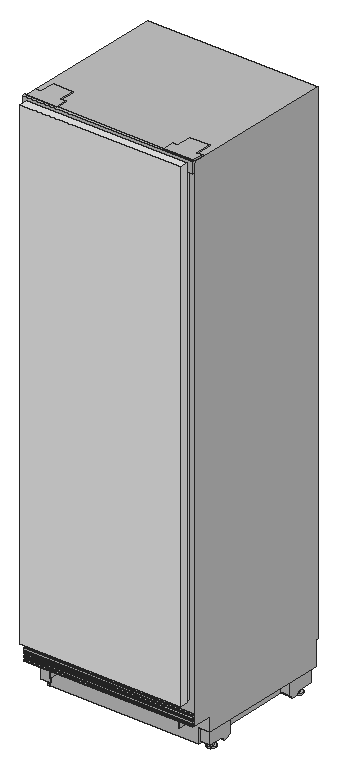
Revit family "FP-Revit18-en-RS6019F2L1-Freezer-0-AA-BI-HK-SG-CN-EU-90002453A", category Specialty Equipment, Revit 2018
Family settings
  Round Connector Dimension = Use Diameter
  Part Type = Normal
  OmniClass Number = 23.40.40.11.11
  OmniClass Title = Refrigerators and Freezers
  Work Plane-Based = No
  Always vertical = Yes
  Cut with Voids When Loaded = Yes
  Shared = No
  Room Calculation Point = No
Parameters (values of type "RS6019F2L1")
  Visibility - Toe Kick Panel [instance] = no
  Visibility - Clearance Required [instance] = yes
  URL = "www.fisherpaykel.com"
  Panel - Width [instance] = 592 mm
  Panel - Thickness [instance] = 19 mm
  Panel - FFL to Bottom of Bottom Panel (15mm - 150mm) [instance] = 102 mm
  Toe Kick - Recess [instance] = 63 mm
  Stainless Steel Door Panels (RD6019L) [instance] = no
  Product - Width = 592 mm  # constant formula
  Product - Height [instance] = ([Cavity - Height (1870mm - 1890mm)])  # 1880 mm
  Product - Depth (exl front panel) = 579 mm  # constant formula
  Model = "RS6019F2L1"
  Material - Door Structure = Fisher & Paykel - White
  Material - Door Front [instance] = Fisher & Paykel - Stainless Steel
  Material - Body = Fisher & Paykel - Grey
  Manufacturer = "Fisher & Paykel Appliances"
  Handle Style - Professional Round Flush (AHP3RDS19) [instance] = no
  Handle Style - Contemporary Square Fine Black (AHD5RDS19B) [instance] = no
  Handle Style - Contemporary Square Fine (AHD5RDS19) [instance] = no
  Handle Style - Contemporary Round (AHSRDS19) [instance] = no
  Handle Style - Classic Round (AHCLRDSF) [instance] = no
  Description = "60cm Integrated Freezer"
  Connector Description - Water = "min 275 kPa (40 psi) max 827 kPa (120 psi)"
  Connector Description - Electrical = "230 V, 50 Hz, 10 A circuit"
  Cavity - Width = 600 mm  # constant formula
  Cavity - Height (1870mm - 1890mm) [instance] = 1880 mm
  Panel - FFL to Top of Top Panel (1867mm min) [instance] = 1877 mm
  Cavity - Depth (600mm min with services external) = 600 mm
Types (3, lengths in mm): name | Model | Connector Description - Water
  (no name) | "RS6019F2L1" | "min 275 kPa (40 psi) max 827 kPa (120 psi)"
  RS6019F2L1 | "RS6019F2L1" | "min 275 kPa (40 psi) max 827 kPa (120 psi)"
  RS6019F3LJ1 | "RS6019F3LJ1" | "None"
Reference planes
  plane 1 "Datum": y = 0
  plane 2: z = 0
  plane 3 "Center (Left/Right)": x = 0
  plane 4 "Product LHS": x = -296
  plane 5 "Product RHS": x = 296
  plane 6 "Product - Depth": y = 579
  plane 7: x = -300
  plane 8: x = 300
  plane 9 "Cavity - Depth": y = 581
  plane 10 "Product Height": z = 1880
  plane 11 "Cavity Height": z = 1880
  plane 12 "Panel Thickness": y = -19
  plane 13 "Base": z = 14.497
Forms (mm)
  Extrusion 1, solid, material "Fisher & Paykel - Grey" <- "Material - Body"
    sketch origin (0, 0, 0) x (0, 1, 0) y (0, 0, 1)
      loop
        line (108, 62.997) -> (571.5, 62.997) -> (571.5, 149.997) -> (579, 149.997) -> (579, 1875.998) -> (42.5, 1875.998) -> (42.5, 110.697) -> (108, 110.697) -> (108, 62.997)
    from -296 to 296
  Extrusion 2, solid, material "Fisher & Paykel - Grey" <- "Material - Body"
    sketch origin (0, 0, 0) x (1, 0, 0) y (0, 0, 1)
      loop
        circle (87.23, 31.993) r 5
      loop
        circle (-241.922, 42) r 6
    from -579 to -571.5
  Extrusion 3, solid, material "Fisher & Paykel - Stainless Steel" <- "Material - Door Front", visible <- "Stainless Steel Door Panels (RD6019L)"
    sketch origin (0, 0, 21.503) x (0, 1, 0) y (0, 0, 1)
      loop
        line (-19, 1855.497) -> (-19, 80.497) -> (0, 80.497) -> (0, 1855.497) -> (-19, 1855.497)
    from -296 to 296
  Extrusion 4, solid, material "Fisher & Paykel - Clearance Required", visible <- "Visibility - Clearance Required", detail levels coarse
    sketch origin (0, 0, 0) x (1, 0, 0) y (0, 1, 0)
      loop
        line (-300, 581) -> (-300, 0) -> (300, 0) -> (300, 581) -> (-300, 581)
    from 0 to 1880
  Extrusion 5, solid, material "Fisher & Paykel - White" <- "Material - Door Structure"
    sketch origin (0, 0, 0) x (1, 0, 0) y (0, 1, 0)
      loop
        line (-280, 28.4) -> (-280, 0) -> (280, 0) -> (280, 28.4) -> (-280, 28.4)
    from 183.947 to 1872.747
  Extrusion 6, solid, material "Fisher & Paykel - White" <- "Material - Door Structure"
    sketch origin (0, 0, 0) x (1, 0, 0) y (0, 1, 0)
      loop
        line (-274.25, 42.5) -> (-274.25, 28.4) -> (274.25, 28.4) -> (274.25, 42.5) -> (-274.25, 42.5)
    from 185.35 to 1838.148
  Extrusion 7, solid, material "Fisher & Paykel - Clearance Required", visible <- "Visibility - Clearance Required", detail levels coarse
    sketch origin (0, -8.858, 0) x (1, 0, 0) y (0, 1, 0)
      loop
        line (-299.146, -10.142) -> (-539.267, -525.083)
        arc (-539.267, -525.083) -> (23.116, -502.405) -> (296, -10.142) r 574.255
        line (296, -10.142) -> (-299.146, -10.142)
    from 0 to 1880
  Extrusion 8, solid, material "Fisher & Paykel - Grey" <- "Material - Body", detail levels fine
    sketch origin (0, 0, 0) x (0, 1, 0) y (0, 0, 1)
      loop
        line (35.5, 149.997) -> (35.5, 145.997) -> (42.5, 145.997) -> (42.5, 149.997) -> (35.5, 149.997)
      loop
        line (35.5, 138.233) -> (35.5, 134.233) -> (42.5, 134.233) -> (42.5, 138.233) -> (35.5, 138.233)
      loop
        line (35.5, 114.697) -> (35.5, 110.697) -> (42.5, 110.697) -> (42.5, 114.697) -> (35.5, 114.697)
      loop
        line (35.5, 126.467) -> (35.5, 122.467) -> (42.5, 122.467) -> (42.5, 126.467) -> (35.5, 126.467)
      loop
        line (33.5, 1880) -> (33.5, 1842.094) -> (42.5, 1842.094) -> (42.5, 1880) -> (33.5, 1880)
    from -296 to 296
  Extrusion 9, solid, material "Fisher & Paykel - Grey" <- "Material - Body"
    sketch origin (0, 0, 0) x (0, 1, 0) y (0, 0, 1)
      loop
        line (108, 62.997) -> (108, 14.497) -> (571.5, 14.497) -> (571.5, 62.997) -> (108, 62.997)
    from -259 to 259
  Extrusion 10, solid, material "Fisher & Paykel - Grey" <- "Material - Body"
    sketch origin (0, 0, 0) x (0, 1, 0) y (0, 0, 1)
      loop
        line (199.5, 62.997) -> (109.5, 62.997) -> (109.5, 21.997) -> (161.836, 21.997)
        arc (161.836, 21.997) -> (180.668, 9.967) -> (199.5, 21.997) r 20.754
        line (199.5, 21.997) -> (199.5, 62.997)
      loop
        line (460.586, 62.997) -> (460.586, 21.997)
        arc (460.586, 21.997) -> (479.418, 9.967) -> (498.25, 21.997) r 20.754
        line (498.25, 21.997) -> (550.586, 21.997) -> (550.586, 62.997) -> (460.586, 62.997)
    from 259 to 294
  Extrusion 11, solid, material "Fisher & Paykel - Grey" <- "Material - Body", detail levels fine
    sketch origin (0, 0, 0) x (1, 0, 0) y (0, 1, 0)
      loop
        line (-273, 136.5) -> (-273, 82.6) -> (-291, 82.6) -> (-291, 42.5) -> (-187, 42.5) -> (-187, 82.6) -> (-205, 82.6) -> (-205, 136.5) -> (-273, 136.5)
      loop
        line (273, 136.5) -> (205, 136.5) -> (205, 82.6) -> (187, 82.6) -> (187, 42.5) -> (291, 42.5) -> (291, 82.6) -> (273, 82.6) -> (273, 136.5)
    from 1875.998 to 1880
  Extrusion 12, solid, material "Fisher & Paykel - Stainless Steel" <- "Material - Door Front", visible <- "Visibility - Toe Kick Panel"
    sketch origin (0, 0, 0) x (0, 1, 0) y (0, 0, 1)
      loop
        line (44, 110) -> (44, 0) -> (63, 0) -> (63, 110) -> (44, 110)
    from -296 to 296
  Extrusion 13, solid, material "Fisher & Paykel - Grey" <- "Material - Body", detail levels fine
    sketch origin (0, 0, 0) x (1, 0, 0) y (0, 1, 0)
      loop
        circle (276.5, 140.6) r 15
      loop
        circle (276.5, 519.6) r 15
      loop
        circle (-276.5, 140.6) r 15
      loop
        circle (-276.5, 519.6) r 15
    from 0 to 3
  Extrusion 14, solid, material "Fisher & Paykel - Grey" <- "Material - Body", detail levels fine
    sketch origin (0, 0, 0) x (1, 0, 0) y (0, 1, 0)
      loop
        circle (276.5, 140.6) r 5
      loop
        circle (276.5, 519.6) r 5
      loop
        circle (-276.5, 140.6) r 5
      loop
        circle (-276.5, 519.6) r 5
    from 3 to 21.997
  Extrusion 15, solid, material "Fisher & Paykel - Grey" <- "Material - Body", detail levels fine
    sketch origin (0, 0, 0) x (0, 1, 0) y (0, 0, 1)
      loop
        line (63.1, 70.7) -> (108, 70.7) -> (108, 110.697) -> (63.1, 110.697) -> (63.1, 70.7)
    from 224 to 226
  Extrusion 16, solid, material "Fisher & Paykel - Grey" <- "Material - Body", detail levels fine
    sketch origin (0, 0, 0) x (0, 1, 0) y (0, 0, -1)
      loop
        line (63.1, -70.7) -> (63.1, -110.697) -> (108, -110.697) -> (108, -70.7) -> (63.1, -70.7)
    from 224 to 226
  Extrusion 17, solid, material "Fisher & Paykel - Grey" <- "Material - Body"
    sketch origin (0, 0, 0) x (0, 1, 0) y (0, 0, -1)
      loop
        line (199.5, -62.997) -> (199.5, -21.997)
        arc (199.5, -21.997) -> (180.668, -9.967) -> (161.836, -21.997) r 20.754
        line (161.836, -21.997) -> (109.5, -21.997) -> (109.5, -62.997) -> (199.5, -62.997)
      loop
        line (460.586, -62.997) -> (550.586, -62.997) -> (550.586, -21.997) -> (498.25, -21.997)
        arc (498.25, -21.997) -> (479.418, -9.967) -> (460.586, -21.997) r 20.754
        line (460.586, -21.997) -> (460.586, -62.997)
    from 259 to 294
  Extrusion 18, void
    sketch origin (0, 1000, 0) x (1, 0, 0) y (0, 1, 0)
      loop
        line (-300, -419) -> (-300, -1019) -> (300, -1019) -> (300, -419) -> (-300, -419)
    from 0 to 1880
Cuts and joins
  joined: Extrusion 1, Extrusion 9, Extrusion 10
Text (mm)
  text "Due to ongoing product development, product details are subject to change without notice. \nPlease always refer to www.fisherpaykel.com for the most current product information. \n© Fisher & Paykel 2020" at (41.04, -678.295, 0), in view "Ref. Level (Plan)"
Dimensions and locks
  equal spacing: plane 4 "Product LHS", plane 3 "Center (Left/Right)", plane 5 "Product RHS"
  "Product - Width": plane 4 "Product LHS" to plane 5 "Product RHS"
  "Product - Depth (exl front panel)": plane 1 "Datum" to plane 6 "Product - Depth"
  equal spacing: plane 7, plane 3 "Center (Left/Right)", plane 8
  "Cavity - Width": plane 7 to plane 8
  Extrusion 2 sketch curve to plane 5 "Product RHS" = 208.77 mm
  plane 4 "Product LHS" to Extrusion 2 sketch curve = 54.078 mm
  "Cavity - Height (1870mm - 1890mm)": plane 11 "Cavity Height" to level
  locked: cut or joined group of Extrusion 1, Extrusion 9, Extrusion 10 to plane 10 "Product Height" at 4.002
  "Panel - Thickness": Extrusion 12 to Extrusion 12
  "Toe Kick - Recess": plane 1 "Datum" to Extrusion 12
  "Panel - Thickness": plane 12 "Panel Thickness" to plane 1 "Datum"
  plane 13 "Base" to level = 14.497 mm
  locked: plane 10 "Product Height" to plane 13 "Base" at 1865.503
  locked: plane 10 "Product Height" to plane 11 "Cavity Height" at 0
  locked: cut or joined group of Extrusion 1, Extrusion 9, Extrusion 10 to plane 13 "Base" at 96.2
  locked: cut or joined group of Extrusion 1, Extrusion 9, Extrusion 10 to plane 13 "Base" at 7.5
  locked: Extrusion 5 to plane 13 "Base" at 169.45
  locked: Extrusion 6 to plane 13 "Base" at 1823.65
  locked: Extrusion 5 to plane 13 "Base" at 1858.25
  locked: Extrusion 12 to cut or joined group of Extrusion 1, Extrusion 9, Extrusion 10 at 0.697
  locked: Extrusion 15 to plane 13 "Base" at 56.203
  locked: plane 13 "Base" to Extrusion 6 at 170.853
  locked: Extrusion 8 to plane 13 "Base" at 1827.596
  "Panel - FFL to Top of Top Panel (1867mm min)": Extrusion 3 to level
  "Panel - FFL to Bottom of Bottom Panel (15mm - 150mm)": Extrusion 3 to level
  equal spacing: Extrusion 3, plane 3 "Center (Left/Right)", Extrusion 3
  "Panel - Width": Extrusion 3 to Extrusion 3
  locked: nested 1 to plane 13 "Base" at 1400.997
  "Cavity - Depth (600mm min with services external)": plane 12 "Panel Thickness" to plane 9 "Cavity - Depth"
  locked: nested 2 to plane 13 "Base" at 549
  locked: nested 1 to plane 13 "Base" at 548.997
  locked: nested 3 to plane 13 "Base" at 574.5
  nested 2 to plane 5 "Product RHS" = 62 mm
  locked: plane 13 "Base" to nested 5 at 564
  locked: plane 13 "Base" to nested 4 at 549
  radius of Extrusion 2 sketch curve = 5 mm
  aligned and locked: level to plane 2
  aligned and locked: Extrusion 1 to plane 5 "Product RHS"
  aligned and locked: plane 4 "Product LHS" to Extrusion 1
  aligned and locked: Extrusion 11 to cut or joined group of Extrusion 1, Extrusion 9, Extrusion 10
  aligned and locked: Extrusion 2 to cut or joined group of Extrusion 1, Extrusion 9, Extrusion 10
  aligned and locked: Extrusion 4 to plane 11 "Cavity Height"
  aligned and locked: Extrusion 8 to plane 10 "Product Height"
  aligned and locked: Extrusion 11 to plane 10 "Product Height"
  aligned and locked: Extrusion 3 to Extrusion 7
  aligned and locked: Extrusion 9 to plane 13 "Base"
  aligned and locked: cut or joined group of Extrusion 1, Extrusion 9, Extrusion 10 to cut or joined group of Extrusion 1, Extrusion 9, Extrusion 10  (x4)
  aligned and locked: Extrusion 15 to cut or joined group of Extrusion 1, Extrusion 9, Extrusion 10
  aligned and locked: Extrusion 8 to cut or joined group of Extrusion 1, Extrusion 9, Extrusion 10
  aligned and locked: Extrusion 16 to Extrusion 8
  aligned and locked: Extrusion 16 to Extrusion 15
  aligned and locked: Extrusion 10 to Extrusion 1
  aligned and locked: Extrusion 14 to cut or joined group of Extrusion 1, Extrusion 9, Extrusion 10
  aligned and locked: Extrusion 7 to plane 11 "Cavity Height"
  aligned and locked: plane 12 "Panel Thickness" to nested 2
  aligned and locked: plane 12 "Panel Thickness" to nested 3
  aligned and locked: Extrusion 18 to plane 7
  aligned and locked: Extrusion 18 to plane 8
  aligned and locked: Extrusion 18 to plane 11 "Cavity Height"
  aligned and locked: Extrusion 18 to level
  aligned and locked: plane 12 "Panel Thickness" to Extrusion 18
  aligned and locked: plane 9 "Cavity - Depth" to Extrusion 18
  aligned and locked: plane 12 "Panel Thickness" to nested 4
  aligned and locked: plane 12 "Panel Thickness" to nested 5
Automatic sketch dimensions
  Extrusion 1 sketch curve to plane 6 "Product - Depth" = 0 mm
  Extrusion 1 sketch curve to plane 6 "Product - Depth" = 7.5 mm
  plane 13 "Base" to Extrusion 1 sketch curve = 48.5 mm
  Extrusion 1 sketch curve to plane 1 "Datum" = 108 mm
  plane 10 "Product Height" to Extrusion 1 sketch curve = 4.002 mm
  Extrusion 1 sketch curve to plane 1 "Datum" = 42.5 mm
  Extrusion 1 sketch curve to Extrusion 1 sketch curve = 47.7 mm
  Extrusion 1 sketch curve to Extrusion 1 sketch curve = 87 mm
  plane 13 "Base" to Extrusion 2 sketch curve = 17.495 mm
  plane 13 "Base" to Extrusion 2 sketch curve = 27.503 mm
  Extrusion 3 sketch curve to plane 12 "Panel Thickness" = 0 mm
  Extrusion 3 sketch curve to plane 1 "Datum" = 0 mm
  plane 13 "Base" to Extrusion 3 sketch curve = 87.503 mm
  plane 10 "Product Height" to Extrusion 3 sketch curve = 3 mm
  plane 1 "Datum" to Extrusion 4 sketch curve = 0 mm
  Extrusion 4 sketch curve to plane 7 = 0 mm
  Extrusion 4 sketch curve to plane 8 = 0 mm
  Extrusion 4 sketch curve to plane 9 "Cavity - Depth" = 0 mm
  plane 1 "Datum" to Extrusion 5 sketch curve = 0 mm
  Extrusion 5 sketch curve to plane 4 "Product LHS" = 16 mm
  plane 5 "Product RHS" to Extrusion 5 sketch curve = 16 mm
  Extrusion 5 sketch curve to plane 1 "Datum" = 28.4 mm
  Extrusion 6 sketch curve to plane 4 "Product LHS" = 21.75 mm
  plane 5 "Product RHS" to Extrusion 6 sketch curve = 21.75 mm
  Extrusion 6 sketch curve to plane 1 "Datum" = 28.4 mm
  Extrusion 6 sketch curve to Extrusion 6 sketch curve = 14.1 mm
  plane 12 "Panel Thickness" to Extrusion 7 sketch curve = 0 mm
  Extrusion 7 sketch curve to plane 5 "Product RHS" = 0 mm
  plane 12 "Panel Thickness" to Extrusion 7 sketch curve = 3.437 mm
  Extrusion 7 sketch curve to plane 4 "Product LHS" = 17.755 mm
  Extrusion 7 sketch curve to plane 7 = 0.854 mm
  plane 7 to Extrusion 7 sketch curve = 239.267 mm
  plane 10 "Product Height" to Extrusion 8 sketch curve = 0 mm
  Extrusion 8 sketch curve to plane 1 "Datum" = 33.5 mm
  Extrusion 8 sketch curve to plane 1 "Datum" = 35.5 mm
  Extrusion 8 sketch curve to Extrusion 8 sketch curve = 0 mm  (x3)
  Extrusion 8 sketch curve to Extrusion 8 sketch curve = 7 mm  (x4)
  Extrusion 8 sketch curve to Extrusion 8 sketch curve = 9 mm
  Extrusion 8 sketch curve to Extrusion 8 sketch curve = 37.906 mm
  plane 13 "Base" to Extrusion 8 sketch curve = 135.5 mm
  Extrusion 8 sketch curve to Extrusion 8 sketch curve = 4 mm  (x4)
  Extrusion 8 sketch curve to Extrusion 8 sketch curve = 7.764 mm
  Extrusion 8 sketch curve to Extrusion 8 sketch curve = 7.767 mm
  Extrusion 8 sketch curve to Extrusion 8 sketch curve = 7.769 mm
  Extrusion 9 sketch curve to plane 13 "Base" = 0 mm
  Extrusion 9 sketch curve to plane 1 "Datum" = 108 mm
  Extrusion 9 sketch curve to plane 6 "Product - Depth" = 7.5 mm
  Extrusion 9 sketch curve to Extrusion 9 sketch curve = 48.5 mm
  plane 13 "Base" to Extrusion 10 sketch curve = 48.5 mm
  Extrusion 10 sketch curve to plane 1 "Datum" = 109.5 mm
  plane 13 "Base" to Extrusion 10 sketch curve = 7.5 mm  (x2)
  Extrusion 10 sketch curve to Extrusion 10 sketch curve = 52.336 mm
  Extrusion 10 sketch curve to Extrusion 10 sketch curve = 18.832 mm  (x4)
  Extrusion 10 sketch curve to plane 6 "Product - Depth" = 118.414 mm
  Extrusion 10 sketch curve to plane 6 "Product - Depth" = 28.414 mm
  plane 13 "Base" to Extrusion 10 sketch curve = 16.224 mm  (x2)
  Extrusion 10 sketch curve to Extrusion 10 sketch curve = 41 mm
  Extrusion 11 sketch curve to plane 4 "Product LHS" = 5 mm
  Extrusion 11 sketch curve to Extrusion 11 sketch curve = 18 mm  (x3)
  Extrusion 11 sketch curve to Extrusion 11 sketch curve = 68 mm
  plane 5 "Product RHS" to Extrusion 11 sketch curve = 109 mm
  plane 5 "Product RHS" to Extrusion 11 sketch curve = 23 mm
  plane 5 "Product RHS" to Extrusion 11 sketch curve = 5 mm
  Extrusion 11 sketch curve to plane 1 "Datum" = 42.5 mm  (x2)
  Extrusion 11 sketch curve to Extrusion 11 sketch curve = 40.1 mm  (x4)
  Extrusion 11 sketch curve to Extrusion 11 sketch curve = 53.9 mm  (x2)
  Extrusion 12 sketch curve to level = 0 mm
  Extrusion 12 sketch curve to plane 1 "Datum" = 44 mm
  Extrusion 12 sketch curve to Extrusion 12 sketch curve = 19 mm
  plane 13 "Base" to Extrusion 12 sketch curve = 95.503 mm
  Extrusion 13 sketch curve to plane 4 "Product LHS" = 19.5 mm  (x2)
  plane 5 "Product RHS" to Extrusion 13 sketch curve = 19.5 mm  (x2)
  Extrusion 13 sketch curve to plane 1 "Datum" = 140.6 mm  (x2)
  Extrusion 13 sketch curve to plane 6 "Product - Depth" = 59.4 mm  (x2)
  Extrusion 14 sketch curve to plane 4 "Product LHS" = 19.5 mm  (x2)
  plane 5 "Product RHS" to Extrusion 14 sketch curve = 19.5 mm  (x2)
  Extrusion 14 sketch curve to plane 1 "Datum" = 140.6 mm  (x2)
  Extrusion 14 sketch curve to plane 6 "Product - Depth" = 59.4 mm  (x2)
  Extrusion 15 sketch curve to plane 1 "Datum" = 63.1 mm
  Extrusion 15 sketch curve to Extrusion 15 sketch curve = 44.9 mm
  plane 13 "Base" to Extrusion 15 sketch curve = 56.203 mm
  Extrusion 15 sketch curve to Extrusion 15 sketch curve = 39.997 mm
  Extrusion 16 sketch curve to plane 1 "Datum" = 63.1 mm
  Extrusion 16 sketch curve to Extrusion 16 sketch curve = 44.9 mm
  plane 13 "Base" to Extrusion 16 sketch curve = 96.2 mm
  Extrusion 16 sketch curve to Extrusion 16 sketch curve = 39.997 mm
  plane 13 "Base" to Extrusion 17 sketch curve = 48.5 mm
  Extrusion 17 sketch curve to plane 1 "Datum" = 109.5 mm
  plane 13 "Base" to Extrusion 17 sketch curve = 7.5 mm  (x2)
  Extrusion 17 sketch curve to Extrusion 17 sketch curve = 52.336 mm
  Extrusion 17 sketch curve to Extrusion 17 sketch curve = 18.832 mm  (x4)
  Extrusion 17 sketch curve to plane 6 "Product - Depth" = 118.414 mm
  Extrusion 17 sketch curve to plane 6 "Product - Depth" = 28.414 mm
  Extrusion 17 sketch curve to Extrusion 17 sketch curve = 41 mm
  plane 13 "Base" to Extrusion 17 sketch curve = 16.224 mm  (x2)
  Extrusion 18 sketch curve to plane 7 = 0 mm
  Extrusion 18 sketch curve to plane 8 = 0 mm
  Extrusion 18 sketch curve to plane 9 "Cavity - Depth" = 600 mm
  Extrusion 18 sketch curve to Extrusion 18 sketch curve = 600 mm
  radius of Extrusion 2 sketch curve = 6 mm
  radius of Extrusion 13 sketch curve = 15 mm  (x4)
  radius of Extrusion 14 sketch curve = 5 mm  (x4)
Nested families
  nested 1: "F&P Handle Kit - Contemporary Square Fine - Vertical" at (234, -19, 989.495), visible <- "Handle Style - Contemporary Square Fine (AHD5RDS19)", type "AHD5RDS19 - Contemporary square fine handle 852mm"
  nested 2: "F&P Handle Kit - Contemporary Square Fine - Vertical" at (234, -19, 989.497), visible <- "Handle Style - Contemporary Square Fine Black (AHD5RDS19B)", type "AHD5RDS19B - Contemporary square fine black handle 852mm"
  nested 3: "F&P Handle Kit - Professional Round Flush - Vertical" at (234, -19, 989.497), visible <- "Handle Style - Professional Round Flush (AHP3RDS19)", type "AHP3RDS19 - Professional round flush handle 801mm"
  nested 4: "F&P Handle Kit - Contemporary Round - Vertical" at (234, -19, 989.497), visible <- "Handle Style - Contemporary Round (AHSRDS19)", type "26237 AHSRDS19 - Contemporary round handle (vertical) 852mm"
  nested 5: "F&P Handle Kit - Classic Round - Vertical" at (234, -19, 989.497), visible <- "Handle Style - Classic Round (AHCLRDSF)", type "26592 AHCLRDSF AA - Classic round handle (Vertical) 822mm"
Connectors
  electrical at (87.23, 579, 31.993), driven by "Connector Description - Electrical"
    settings: on Extrusion 2, index 1, voltage 230 V, apparent load 0 VA, apparent load phase1 0 VA, apparent load phase2 0 VA, apparent load phase3 0 VA, power factor 1, load classification "Other", number of poles 1, system type 30, power factor state 1, is connector primary yes, connector utility no, sub classification motor no, connector description "230 V, 50 Hz, 10 A circuit"
Definition of nested family "F&P Handle Kit - Contemporary Square Fine - Vertical"
  Parameters (values of type "AHD5RDS19 - Contemporary square fine handle 852mm")
    URL = "www.fisherpaykel.com"
    Material - Handle = none
    Manufacturer = "Fisher & Paykel Appliances"
    Handle - Length = 852 mm
  Types (22, lengths in mm): name | Handle - Length
    AHD5RD2484W - Contemporary square fine handle (1 of 2) (Vertical) 727mm | 727
    AHD5RD2484WB - Contemporary square fine black handle (1 of 2) (Vertical) 727mm | 727
    AHD5RD3084W - Contemporary square fine handle (1 of 2) (Vertical) 727mm | 727
    AHD5RD3084WB - Contemporary square fine black handle (1 of 2) (Vertical) 727mm | 727
    AHD5RD6121W - Contemporary square fine handle (1 of 2) (Vertical) 727mm | 727
    AHD5RD6121WB - Contemporary square fine black handle (1 of 2) (Vertical) 727mm | 727
    AHD5RD7621W - Contemporary square fine handle (1 of 2) (Vertical) 727mm | 727
    AHD5RD7621WB - Contemporary square fine black handle (1 of 2) (Vertical) 727mm | 727
    AHD5RD36A - Contemporary square fine handle (1 of 2) (Vertical) 727mm | 727
    AHD5RD36AB - Contemporary square fine black handle (1 of 2) (Vertical) 727mm | 727
    AHD5RD80A - Contemporary square fine handle (1 of 2) (Vertical) 727mm | 727
    AHD5RD90A - Contemporary square fine handle (1 of 2) (Vertical) 727mm | 727
    AHD5RD80AB - Contemporary square fine black handle (1 of 2) (Vertical) 727mm | 727
    AHD5RD90AB - Contemporary square fine black handle (1 of 2) (Vertical) 727mm | 727
    AHD5RD36W - Contemporary square fine handle (1 of 2) (Vertical) 727mm | 727
    AHD5RD36WB - Contemporary square fine handle (1 of 2) (Vertical) 727mm | 727
    AHD5RD9120WB - Contemporary square fine handle (1 of 2) (Vertical) 727mm | 727
    AHD5RD9120W - Contemporary square fine handle (1 of 2) (Vertical) 727mm | 727
    AHD5RDS19B - Contemporary square fine black handle 852mm | 852
    AHD5RDS19 - Contemporary square fine handle 852mm | 852
    AHD5RDS74B - Contemporary square fine black handle 852mm | 852
    AHD5RDS74 - Contemporary square fine handle 852mm | 852
  Reference planes
    plane 1 "Center (Front/Back)": y = 0
    plane 2: z = 0
    plane 3 "Center (Left/Right)": x = 0
    plane 4 "Top": z = 426
    plane 5 "Bottom": z = -426
    plane 6 "Top Standoff": z = 306
    plane 7 "Bottom Standoff": z = -306
  Forms (mm)
    Extrusion 1, solid, material <- "Material - Handle", detail levels fine
      sketch origin (0, 0, 0) x (1, 0, 0) y (0, 1, 0)
        loop
          arc (-6.16, -26.813) -> (-6.554, -27.196) -> (-6.686, -27.728) r 1
          line (-6.686, -27.728) -> (-6.256, -40.035)
          arc (-6.256, -40.035) -> (-5.951, -40.719) -> (-5.257, -41) r 1
          line (-5.257, -41) -> (5.257, -41)
          arc (5.257, -41) -> (5.951, -40.719) -> (6.256, -40.035) r 1
          line (6.256, -40.035) -> (6.686, -27.709)
          arc (6.686, -27.709) -> (6.554, -27.175) -> (6.158, -26.792) r 1
          arc (6.158, -26.792) -> (-0.004, -25.256) -> (-6.16, -26.813) r 13.038
      from -426 to 426
    Extrusion 2, solid, material <- "Material - Handle", detail levels fine
      sketch origin (0, 0, 0) x (1, 0, 0) y (0, 1, 0)
        loop
          arc (6.012, -26.626) -> (6.494, -26.614) -> (6.741, -26.2) r 0.5
          line (6.741, -26.2) -> (7.7, 0) -> (-7.7, 0) -> (-6.742, -26.174)
          arc (-6.742, -26.174) -> (-6.496, -26.587) -> (-6.015, -26.6) r 0.5
          arc (-6.015, -26.6) -> (0.002, -25.156) -> (6.012, -26.626) r 13.136
      from 306 to 426
    Extrusion 3, solid, material <- "Material - Handle", detail levels coarse+medium
      sketch origin (0, 0, 0) x (0, 1, 0) y (0, 0, 1)
        loop
          line (0, 426) -> (-42, 426) -> (-42, -426) -> (0, -426) -> (0, -306) -> (-26.245, -306) -> (-26.245, 306) -> (0, 306) -> (0, 426)
      from -8 to 8
    Extrusion 4, solid, material <- "Material - Handle", detail levels fine
      sketch origin (0, 0, 0) x (1, 0, 0) y (0, 1, 0)
        loop
          arc (6.012, -26.626) -> (6.494, -26.614) -> (6.741, -26.2) r 0.5
          line (6.741, -26.2) -> (7.7, 0) -> (-7.7, 0) -> (-6.742, -26.174)
          arc (-6.742, -26.174) -> (-6.496, -26.587) -> (-6.015, -26.6) r 0.5
          arc (-6.015, -26.6) -> (0.002, -25.156) -> (6.012, -26.626) r 13.136
      from -426 to -306
  Dimensions and locks
    equal spacing: plane 4 "Top", level, plane 5 "Bottom"
    "Handle - Length": plane 4 "Top" to plane 5 "Bottom"
    locked: plane 4 "Top" to plane 6 "Top Standoff" at 120
    locked: plane 7 "Bottom Standoff" to plane 5 "Bottom" at 120
    aligned and locked: level to plane 2
    aligned and locked: plane 4 "Top" to Extrusion 2
    aligned and locked: Extrusion 2 to plane 6 "Top Standoff"
    aligned and locked: plane 4 "Top" to Extrusion 1
    aligned and locked: Extrusion 1 to plane 5 "Bottom"
    aligned and locked: plane 4 "Top" to Extrusion 3 sketch curve
    aligned and locked: plane 6 "Top Standoff" to Extrusion 3 sketch curve
    aligned and locked: plane 7 "Bottom Standoff" to Extrusion 3 sketch curve
    aligned and locked: plane 5 "Bottom" to Extrusion 3 sketch curve
    aligned and locked: Extrusion 4 to plane 5 "Bottom"
    aligned and locked: plane 7 "Bottom Standoff" to Extrusion 4
  Automatic sketch dimensions
    Extrusion 1 sketch curve to plane 3 "Center (Left/Right)" = 6.686 mm
    Extrusion 1 sketch curve to plane 3 "Center (Left/Right)" = 6.256 mm
    Extrusion 1 sketch curve to Extrusion 1 sketch curve = 0.999 mm  (x4)
    plane 3 "Center (Left/Right)" to Extrusion 1 sketch curve = 0.018 mm
    plane 3 "Center (Left/Right)" to Extrusion 1 sketch curve = 5.257 mm
    plane 3 "Center (Left/Right)" to Extrusion 1 sketch curve = 5.687 mm
    plane 1 "Center (Front/Back)" to Extrusion 1 sketch curve = 41 mm
    Extrusion 1 sketch curve to Extrusion 1 sketch curve = 0.965 mm  (x2)
    Extrusion 1 sketch curve to Extrusion 1 sketch curve = 1.706 mm
    Extrusion 1 sketch curve to Extrusion 1 sketch curve = 12.307 mm
    Extrusion 1 sketch curve to Extrusion 1 sketch curve = 12.326 mm
    Extrusion 1 sketch curve to Extrusion 1 sketch curve = 0.035 mm  (x2)
    Extrusion 1 sketch curve to Extrusion 1 sketch curve = 0 mm
    plane 1 "Center (Front/Back)" to Extrusion 2 sketch curve = 0 mm
    Extrusion 2 sketch curve to plane 3 "Center (Left/Right)" = 7.7 mm
    Extrusion 2 sketch curve to plane 3 "Center (Left/Right)" = 6.742 mm
    Extrusion 2 sketch curve to Extrusion 2 sketch curve = 0.5 mm  (x2)
    Extrusion 2 sketch curve to plane 3 "Center (Left/Right)" = 0.026 mm
    plane 3 "Center (Left/Right)" to Extrusion 2 sketch curve = 6.242 mm
    plane 3 "Center (Left/Right)" to Extrusion 2 sketch curve = 7.7 mm
    plane 1 "Center (Front/Back)" to Extrusion 2 sketch curve = 26.155 mm
    Extrusion 2 sketch curve to Extrusion 2 sketch curve = 0.018 mm  (x2)
    Extrusion 2 sketch curve to Extrusion 2 sketch curve = 0.026 mm
    Extrusion 2 sketch curve to Extrusion 2 sketch curve = 12.11 mm
    Extrusion 2 sketch curve to Extrusion 2 sketch curve = 0 mm
    plane 1 "Center (Front/Back)" to Extrusion 3 sketch curve = 42 mm
    Extrusion 3 sketch curve to Extrusion 3 sketch curve = 15.755 mm
    Extrusion 3 sketch curve to Extrusion 3 sketch curve = 42 mm  (x2)
    Extrusion 4 sketch curve to plane 3 "Center (Left/Right)" = 7.7 mm
    Extrusion 4 sketch curve to plane 3 "Center (Left/Right)" = 6.742 mm
    Extrusion 4 sketch curve to Extrusion 4 sketch curve = 0.5 mm  (x2)
    Extrusion 4 sketch curve to plane 3 "Center (Left/Right)" = 0.026 mm
    plane 3 "Center (Left/Right)" to Extrusion 4 sketch curve = 6.242 mm
    plane 3 "Center (Left/Right)" to Extrusion 4 sketch curve = 7.7 mm
    plane 1 "Center (Front/Back)" to Extrusion 4 sketch curve = 38.291 mm
    Extrusion 4 sketch curve to Extrusion 4 sketch curve = 12.091 mm
    Extrusion 4 sketch curve to Extrusion 4 sketch curve = 0.018 mm  (x2)
    Extrusion 4 sketch curve to Extrusion 4 sketch curve = 0.452 mm
    Extrusion 4 sketch curve to Extrusion 4 sketch curve = 26.174 mm
    Extrusion 4 sketch curve to Extrusion 4 sketch curve = 0 mm
Definition of nested family "F&P Handle Kit - Professional Round Flush - Vertical"
  Parameters (values of type "AHP3RDS19 - Professional round flush handle 801mm")
    URL = "www.fisherpaykel.com"
    Material - Handle = none
    Manufacturer = "Fisher & Paykel Appliances"
    Handle - Length = 801 mm
  Types (8, lengths in mm): name | Handle - Length
    (no name) | 801
    AHP3RD2484W - Professional round flush handle (1 of 2) (Vertical) | 677
    AHP3RD3084W - Professional round flush handle (1 of 2) (Vertical) | 677
    AHP3-RD84 - Professional round flush handle 677mm | 677
    AHP3RD36W - Professional round flush handle (1 of 2) (Vertical) | 727
    AHP3RD36A - Professional round flush handle (1 of 2) (Vertical) | 727
    AHP3RDS19 - Professional round flush handle 801mm | 801
    AHP3RDS74 - Professional round flush handle 801mm | 801
  Reference planes
    plane 1 "Center (Front/Back)": y = 0
    plane 2: z = 0
    plane 3 "Center (Left/Right)": x = 0
    plane 4 "Top": z = 400.5
    plane 5 "Bottom": z = -400.5
    plane 6 "Top Standoff": z = 340.5
    plane 7 "Bottom Standoff": z = -340.5
  Forms (mm)
    Extrusion 1, solid, material <- "Material - Handle", detail levels fine
      sketch origin (0, 0, 0) x (1, 0, 0) y (0, 1, 0)
        loop
          arc (-12.817, -46.665) -> (0, -58.016) -> (12.817, -46.665) r 12.912
          line (12.817, -46.665) -> (18.5, 0) -> (-18.5, 0) -> (-12.817, -46.665)
      from 340.5 to 400.5
    Extrusion 2, solid, material <- "Material - Handle", detail levels fine
      sketch origin (0, 0, 0) x (1, 0, 0) y (0, 1, 0)
        loop
          arc (-12.817, -46.665) -> (0, -58.016) -> (12.817, -46.665) r 12.912
          line (12.817, -46.665) -> (18.5, 0) -> (-18.5, 0) -> (-12.817, -46.665)
      from -400.5 to -340.5
    Extrusion 3, solid, material <- "Material - Handle"
      sketch origin (0, 0, 0) x (1, 0, 0) y (0, 1, 0)
        loop
          circle (0, -45.116) r 12.7
      from -340.5 to 340.5
    Sweep 4, void
      path in 3D
        loop
          line (18.5, 0, 400.5) -> (12.817, -46.665, 400.5)
          arc (12.817, -46.665, 400.5) -> (0, -58.016, 400.5) -> (-12.817, -46.665, 400.5) r 12.912
          line (-12.817, -46.665, 400.5) -> (-18.5, 0, 400.5)
      profile origin (0, -58.016, 400.5) x (0, -1, 0) y (0, 0, 1)
        loop
          line (0, 0) -> (-1.5, 0) -> (0, -1.5) -> (0, 0)
    Sweep 5, void
      path in 3D
        loop
          line (-18.5, 0, -400.5) -> (-12.817, -46.665, -400.5)
          arc (-12.817, -46.665, -400.5) -> (0, -58.016, -400.5) -> (12.817, -46.665, -400.5) r 12.912
          line (12.817, -46.665, -400.5) -> (18.5, 0, -400.5)
      profile origin (0, -58.016, -400.5) x (0, -1, 0) y (0, 0, -1)
        loop
          line (0, 0) -> (-1.5, 0) -> (0, -1.5) -> (0, 0)
    Extrusion 6, solid, material <- "Material - Handle", detail levels coarse+medium
      sketch origin (0, 0, 0) x (1, 0, 0) y (0, 1, 0)
        loop
          arc (-12.817, -46.665) -> (0, -58.016) -> (12.817, -46.665) r 12.912
          line (12.817, -46.665) -> (18.5, 0) -> (-18.5, 0) -> (-12.817, -46.665)
      from 340.5 to 400.5
    Extrusion 7, solid, material <- "Material - Handle", detail levels coarse+medium
      sketch origin (0, 0, 0) x (1, 0, 0) y (0, 1, 0)
        loop
          arc (-12.817, -46.665) -> (0, -58.016) -> (12.817, -46.665) r 12.912
          line (12.817, -46.665) -> (18.5, 0) -> (-18.5, 0) -> (-12.817, -46.665)
      from -400.5 to -340.5
  Cuts and joins
    Sweep 4 cuts Extrusion 1
    Sweep 5 cuts Extrusion 2
  Lines and regions (mm)
    sketch lines
      curve 1: arc (12.817, -46.665, 400.5) -> (0, -58.016, 400.5) -> (-12.817, -46.665, 400.5) r 12.912
      curve 2: line (12.817, -46.665, 400.5) -> (18.5, 0, 400.5)
      curve 3: line (-18.5, 0, 400.5) -> (-12.817, -46.665, 400.5)
      curve 4: arc (-12.817, -46.665, -400.5) -> (0, -58.016, -400.5) -> (12.817, -46.665, -400.5) r 12.912
      curve 5: line (18.5, 0, -400.5) -> (12.817, -46.665, -400.5)
      curve 6: line (-12.817, -46.665, -400.5) -> (-18.5, 0, -400.5)
  Dimensions and locks
    equal spacing: plane 4 "Top", level, plane 5 "Bottom"
    "Handle - Length": plane 4 "Top" to plane 5 "Bottom"
    plane 4 "Top" to plane 6 "Top Standoff" = 60 mm
    plane 7 "Bottom Standoff" to plane 5 "Bottom" = 60 mm
    aligned and locked: level to plane 2
    aligned and locked: plane 4 "Top" to Extrusion 1
    aligned and locked: Extrusion 1 to plane 6 "Top Standoff"
    aligned and locked: Extrusion 2 to plane 5 "Bottom"
    aligned and locked: plane 1 "Center (Front/Back)" to Extrusion 2 sketch curve
    aligned and locked: plane 6 "Top Standoff" to Extrusion 3
    aligned and locked: Extrusion 3 to plane 7 "Bottom Standoff"
    aligned and locked: Extrusion 6 to cut or joined group of Extrusion 1, Sweep 4
    aligned and locked: Extrusion 7 to cut or joined group of Extrusion 2, Sweep 5
    aligned and locked: plane 7 "Bottom Standoff" to Extrusion 7
    aligned and locked: plane 7 "Bottom Standoff" to cut or joined group of Extrusion 2, Sweep 5
    aligned and locked: Extrusion 6 to plane 6 "Top Standoff"
    aligned and locked: cut or joined group of Extrusion 1, Sweep 4 to plane 6 "Top Standoff"
  Automatic sketch dimensions
    plane 1 "Center (Front/Back)" to Extrusion 1 sketch curve = 0 mm
    Extrusion 1 sketch curve to plane 3 "Center (Left/Right)" = 0 mm
    Extrusion 1 sketch curve to plane 3 "Center (Left/Right)" = 12.817 mm
    Extrusion 1 sketch curve to plane 3 "Center (Left/Right)" = 18.5 mm
    plane 3 "Center (Left/Right)" to Extrusion 1 sketch curve = 12.817 mm
    plane 3 "Center (Left/Right)" to Extrusion 1 sketch curve = 18.5 mm
    plane 1 "Center (Front/Back)" to Extrusion 1 sketch curve = 45.104 mm
    Extrusion 1 sketch curve to Extrusion 1 sketch curve = 1.561 mm
    Extrusion 2 sketch curve to plane 3 "Center (Left/Right)" = 0 mm
    Extrusion 2 sketch curve to plane 3 "Center (Left/Right)" = 12.817 mm
    Extrusion 2 sketch curve to plane 3 "Center (Left/Right)" = 18.5 mm
    plane 3 "Center (Left/Right)" to Extrusion 2 sketch curve = 12.817 mm
    plane 3 "Center (Left/Right)" to Extrusion 2 sketch curve = 18.5 mm
    plane 1 "Center (Front/Back)" to Extrusion 2 sketch curve = 45.104 mm
    Extrusion 2 sketch curve to Extrusion 2 sketch curve = 1.561 mm
    Extrusion 3 sketch curve to plane 3 "Center (Left/Right)" = 0 mm
    plane 1 "Center (Front/Back)" to Extrusion 3 sketch curve = 45.116 mm
    Sweep 4 sketch curve to profile plane = 0 mm  (x2)
    profile plane to Sweep 4 sketch curve = 1.5 mm
    Sweep 4 sketch curve to profile plane = 1.5 mm
    profile plane to Sweep 5 sketch curve = 0 mm
    Sweep 5 sketch curve to profile plane = 0 mm
    profile plane to Sweep 5 sketch curve = 1.5 mm
    Sweep 5 sketch curve to profile plane = 1.5 mm
    Extrusion 6 sketch curve to plane 3 "Center (Left/Right)" = 0 mm
    Extrusion 6 sketch curve to plane 3 "Center (Left/Right)" = 12.817 mm
    Extrusion 6 sketch curve to plane 3 "Center (Left/Right)" = 18.5 mm
    plane 3 "Center (Left/Right)" to Extrusion 6 sketch curve = 12.817 mm
    plane 3 "Center (Left/Right)" to Extrusion 6 sketch curve = 18.5 mm
    plane 1 "Center (Front/Back)" to Extrusion 6 sketch curve = 46.665 mm
    Extrusion 6 sketch curve to Extrusion 6 sketch curve = 1.561 mm
    Extrusion 6 sketch curve to Extrusion 6 sketch curve = 46.665 mm
    Extrusion 7 sketch curve to plane 3 "Center (Left/Right)" = 0 mm
    Extrusion 7 sketch curve to plane 3 "Center (Left/Right)" = 12.817 mm
    Extrusion 7 sketch curve to plane 3 "Center (Left/Right)" = 18.5 mm
    plane 3 "Center (Left/Right)" to Extrusion 7 sketch curve = 12.817 mm
    plane 3 "Center (Left/Right)" to Extrusion 7 sketch curve = 18.5 mm
    plane 1 "Center (Front/Back)" to Extrusion 7 sketch curve = 46.665 mm
    Extrusion 7 sketch curve to Extrusion 7 sketch curve = 1.561 mm
    Extrusion 7 sketch curve to Extrusion 7 sketch curve = 46.665 mm
    radius of Extrusion 3 sketch curve = 12.7 mm
Definition of nested family "F&P Handle Kit - Contemporary Round - Vertical"
  Parameters (values of type "26237 AHSRDS19 - Contemporary round handle (vertical) 852mm")
    URL = "www.fisherpaykel.com"
    Material - Handle = none
    Manufacturer = "Fisher & Paykel Appliances"
    Keynote = ""
    Handle Standoff - Length = 100 mm
    Handle - Length = 852 mm
    Description = ""
  Types (19, lengths in mm): name | Keynote | Handle - Length
    25324 AHS-RD21 - Contemporary round handle (Vertical) 852mm | "" | 852
    25731 AHSRD2484W - Contemporary round handle (1 of 2) (Vertical) 727mm | "" | 727
    25723 AHSRD3084W - Contemporary round handle (1 of 2) (Vertical) 727mm | "" | 727
    24981 AHS-RD84 - Contemporary round handle (Vertical) 852mm | "" | 852
    25628 AHSRS3272A - Contemporary round handle (1 of 2) (Vertical) 727mm | "" | 727
    25627 AHSRS80A - Contemporary round handle (1 of 2) (Vertical) 727mm | "" | 727
    25727 AHSRD6121W - Contemporary round handle (1 of 2) (Vertical) 727mm | "" | 727
    25719 AHSRD7621W - Contemporary round handle (1 of 2) (Vertical) 727mm | "" | 727
    25329 AHS-ASBI-A - Contemporary round handle (1 of 2) (Vertical) 727mm | "" | 727
    25374 AHS-ASBI-A - Contemporary round handle (1 of 2) (Vertical) 727mm | "" | 727
    25380 AHS-ASBI-B - Contemporary round handle (1 of 2) (Vertical) 727mm | "" | 727
    25339 AHS-ASBI-B - Contemporary round handle (1 of 2) (Vertical) 727mm | "" | 727
    25376 AHS-RF-522A - Contemporary round handle (1 of 2) (Vertical) 642mm | "US Market" | 642
    25334 AHS-RF-522A - Contemporary round handle (1 of 2) (Vertical) 642mm | "AA Market" | 642
    25379 AHS-RF-522W - Contemporary round handle (1 of 2) (Vertical) 642mm | "US Market" | 642
    25335 AHS-RF-610 - Contemporary round handle (1 of 2) (Vertical) 642mm | "AA Market" | 642
    25377 AHS-RF-610 - Contemporary round handle (1 of 2) (Vertical) 642mm | "US Market" | 642
    26237 AHSRDS19 - Contemporary round handle (vertical) 852mm | "" | 852
    26238 AHSRDS74 - Contemporary round handle (vertical) 852mm | "" | 852
  Reference planes
    plane 1 "Center (Front/Back)": y = 0
    plane 2: z = 0
    plane 3 "Center (Left/Right)": x = 0
    plane 4 "Top": z = 426
    plane 5 "Bottom": z = -426
    plane 6 "Top Standoff": z = 326
    plane 7 "Bottom Standoff": z = -326
  Forms (mm)
    Extrusion 1, solid, material <- "Material - Handle"
      sketch origin (0, 0, 0) x (1, 0, 0) y (0, 1, 0)
        loop
          circle (0, -32.3) r 8.7
      from -326 to 326
    Extrusion 2, solid, material <- "Material - Handle", detail levels fine
      sketch origin (0, 0, 0) x (1, 0, 0) y (0, 1, 0)
        loop
          line (-8.7, 0) -> (-8.7, -32.3)
          arc (-8.7, -32.3) -> (0, -41) -> (8.7, -32.3) r 8.7
          line (8.7, -32.3) -> (8.7, 0) -> (-8.7, 0)
      from 326 to 426
    Extrusion 3, solid, material <- "Material - Handle", detail levels fine
      sketch origin (0, 0, 0) x (1, 0, 0) y (0, 1, 0)
        loop
          line (-8.7, 0) -> (-8.7, -32.3)
          arc (-8.7, -32.3) -> (0, -41) -> (8.7, -32.3) r 8.7
          line (8.7, -32.3) -> (8.7, 0) -> (-8.7, 0)
      from -426 to -326
    Sweep 4, void
      path in 3D
        loop
          line (8.7, 0, -426) -> (8.7, -32.3, -426)
          arc (8.7, -32.3, -426) -> (0, -41, -426) -> (-8.7, -32.3, -426) r 8.7
          line (-8.7, -32.3, -426) -> (-8.7, 0, -426)
      profile origin (8.7, -16.15, -426) x (-1, 0, 0) y (0, 0, -1)
        loop
          line (0, 0) -> (0, -1) -> (1, 0) -> (0, 0)
    Sweep 5, void
      path in 3D
        loop
          line (-8.7, 0, 426) -> (-8.7, -32.3, 426)
          arc (-8.7, -32.3, 426) -> (0, -41, 426) -> (8.7, -32.3, 426) r 8.7
          line (8.7, -32.3, 426) -> (8.7, 0, 426)
      profile origin (8.7, -16.15, 426) x (-1, 0, 0) y (0, 0, 1)
        loop
          line (0, 0) -> (0, -1) -> (1, 0) -> (0, 0)
    Extrusion 6, solid, material <- "Material - Handle", detail levels coarse+medium
      sketch origin (0, 0, 0) x (1, 0, 0) y (0, 1, 0)
        loop
          line (-8.7, 0) -> (-8.7, -32.3)
          arc (-8.7, -32.3) -> (0, -41) -> (8.7, -32.3) r 8.7
          line (8.7, -32.3) -> (8.7, 0) -> (-8.7, 0)
      from 326 to 426
    Extrusion 7, solid, material <- "Material - Handle", detail levels coarse+medium
      sketch origin (0, 0, 0) x (1, 0, 0) y (0, 1, 0)
        loop
          line (-8.7, 0) -> (-8.7, -32.3)
          arc (-8.7, -32.3) -> (0, -41) -> (8.7, -32.3) r 8.7
          line (8.7, -32.3) -> (8.7, 0) -> (-8.7, 0)
      from -426 to -326
  Cuts and joins
    Sweep 4 cuts Extrusion 3
    Sweep 5 cuts Extrusion 2
  Lines and regions (mm)
    sketch lines
      curve 1: line (8.7, 0, -426) -> (8.7, -32.3, -426)
      curve 2: arc (-8.7, -32.3, -426) -> (0, -41, -426) -> (8.7, -32.3, -426) r 8.7
      curve 3: line (-8.7, -32.3, -426) -> (-8.7, 0, -426)
      curve 4: line (8.7, -32.3, 426) -> (8.7, 0, 426)
      curve 5: arc (8.7, -32.3, 426) -> (0, -41, 426) -> (-8.7, -32.3, 426) r 8.7
      curve 6: line (-8.7, 0, 426) -> (-8.7, -32.3, 426)
  Dimensions and locks
    equal spacing: plane 4 "Top", level, plane 5 "Bottom"
    "Handle - Length": plane 4 "Top" to plane 5 "Bottom"
    "Handle Standoff - Length": plane 4 "Top" to plane 6 "Top Standoff"
    "Handle Standoff - Length": plane 7 "Bottom Standoff" to plane 5 "Bottom"
    Extrusion 2 sketch curve to Extrusion 2 sketch curve = 17.4 mm
    Extrusion 3 sketch curve to Extrusion 3 sketch curve = 17.4 mm
    Extrusion 6 sketch curve to Extrusion 6 sketch curve = 17.4 mm
    Extrusion 7 sketch curve to Extrusion 7 sketch curve = 17.4 mm
    aligned and locked: level to plane 2
    aligned and locked: plane 4 "Top" to Extrusion 2
    aligned and locked: Extrusion 3 to plane 5 "Bottom"
    aligned and locked: plane 7 "Bottom Standoff" to Extrusion 3
    aligned and locked: Extrusion 1 to plane 7 "Bottom Standoff"
    aligned and locked: plane 6 "Top Standoff" to Extrusion 1
    aligned and locked: Extrusion 2 to Extrusion 1
    aligned and locked: Extrusion 6 to Extrusion 1
    aligned and locked: plane 4 "Top" to Extrusion 6
    aligned and locked: Extrusion 7 to Extrusion 1
    aligned and locked: Extrusion 7 to plane 5 "Bottom"
  Automatic sketch dimensions
    Extrusion 1 sketch curve to plane 3 "Center (Left/Right)" = 0 mm
    plane 1 "Center (Front/Back)" to Extrusion 1 sketch curve = 32.3 mm
    plane 1 "Center (Front/Back)" to Extrusion 2 sketch curve = 0 mm
    Extrusion 2 sketch curve to plane 3 "Center (Left/Right)" = 0 mm
    Extrusion 2 sketch curve to plane 3 "Center (Left/Right)" = 8.7 mm
    plane 1 "Center (Front/Back)" to Extrusion 2 sketch curve = 32.3 mm
    plane 1 "Center (Front/Back)" to Extrusion 3 sketch curve = 0 mm
    Extrusion 3 sketch curve to plane 3 "Center (Left/Right)" = 0 mm
    Extrusion 3 sketch curve to plane 3 "Center (Left/Right)" = 8.7 mm
    plane 1 "Center (Front/Back)" to Extrusion 3 sketch curve = 32.3 mm
    Sweep 4 sketch curve to profile plane = 0 mm  (x2)
    Sweep 4 sketch curve to profile plane = 1 mm  (x2)
    Sweep 5 sketch curve to profile plane = 0 mm  (x2)
    Sweep 5 sketch curve to profile plane = 1 mm  (x2)
    Extrusion 6 sketch curve to plane 3 "Center (Left/Right)" = 0 mm
    Extrusion 6 sketch curve to plane 3 "Center (Left/Right)" = 8.7 mm
    plane 1 "Center (Front/Back)" to Extrusion 6 sketch curve = 32.3 mm
    Extrusion 6 sketch curve to Extrusion 6 sketch curve = 32.3 mm
    Extrusion 7 sketch curve to plane 3 "Center (Left/Right)" = 0 mm
    Extrusion 7 sketch curve to plane 3 "Center (Left/Right)" = 8.7 mm
    plane 1 "Center (Front/Back)" to Extrusion 7 sketch curve = 32.3 mm
    Extrusion 7 sketch curve to Extrusion 7 sketch curve = 32.3 mm
    radius of Extrusion 1 sketch curve = 8.7 mm
Definition of nested family "F&P Handle Kit - Classic Round - Vertical"
  Parameters (values of type "26591 AHCLRDSF US - Classic round handle (Vertical) 822mm")
    URL = "www.fisherpaykel.com"
    Material - Handle = none
    Manufacturer = "Fisher & Paykel Appliances"
    Keynote = ""
    Handle Standoff - Length = 80 mm
    Handle - Length = 822 mm
    Description = ""
  Types (2): name
    26592 AHCLRDSF AA - Classic round handle (Vertical) 822mm
    26591 AHCLRDSF US - Classic round handle (Vertical) 822mm
  Reference planes
    plane 1 "Center (Front/Back)": y = 0
    plane 2: z = 0
    plane 3 "Center (Left/Right)": x = 0
    plane 4 "Top": z = 411
    plane 5 "Bottom": z = -411
    plane 6 "Top Standoff": z = 331
    plane 7 "Bottom Standoff": z = -331
  Forms (mm)
    Extrusion 1, solid, material <- "Material - Handle"
      sketch origin (0, 0, 0) x (1, 0, 0) y (0, 1, 0)
        loop
          circle (0, -44.923) r 10
      from -331 to 331
    Extrusion 2, solid, material <- "Material - Handle", detail levels fine
      sketch origin (0, 0, 0) x (1, 0, 0) y (0, 1, 0)
        loop
          line (-10.498, 0) -> (-10.498, -44.923)
          arc (-10.498, -44.923) -> (0, -55.422) -> (10.498, -44.923) r 10.498
          line (10.498, -44.923) -> (10.498, 0) -> (-10.498, 0)
      from 331 to 411
    Extrusion 3, solid, material <- "Material - Handle", detail levels fine
      sketch origin (0, 0, 0) x (1, 0, 0) y (0, 1, 0)
        loop
          arc (-10.498, -44.923) -> (0, -55.422) -> (10.498, -44.923) r 10.498
          line (10.498, -44.923) -> (10.498, 0) -> (-10.498, 0) -> (-10.498, -44.923)
      from -411 to -331
    Sweep 4, void
      path in 3D
        loop
          line (-10.498, 0, 411) -> (-10.498, -44.923, 411)
          arc (-10.498, -44.923, 411) -> (0, -55.422, 411) -> (10.498, -44.923, 411) r 10.498
          line (10.498, -44.923, 411) -> (10.498, 0, 411)
      profile origin (10.498, -22.462, 411) x (-1, 0, 0) y (0, 0, 1)
        loop
          line (0, 0) -> (0, -1.5) -> (1.5, 0) -> (0, 0)
    Sweep 5, void
      path in 3D
        loop
          line (10.498, 0, -411) -> (10.498, -44.923, -411)
          arc (10.498, -44.923, -411) -> (0, -55.422, -411) -> (-10.498, -44.923, -411) r 10.498
          line (-10.498, -44.923, -411) -> (-10.498, 0, -411)
      profile origin (10.498, -22.462, -411) x (-1, 0, 0) y (0, 0, -1)
        loop
          line (0, 0) -> (0, -1.5) -> (1.5, 0) -> (0, 0)
    Extrusion 6, solid, material <- "Material - Handle", detail levels coarse+medium
      sketch origin (0, 0, 0) x (1, 0, 0) y (0, 1, 0)
        loop
          line (-10.498, 0) -> (-10.498, -44.923)
          arc (-10.498, -44.923) -> (0, -55.422) -> (10.498, -44.923) r 10.498
          line (10.498, -44.923) -> (10.498, 0) -> (-10.498, 0)
      from 331 to 411
    Extrusion 7, solid, material <- "Material - Handle", detail levels coarse+medium
      sketch origin (0, 0, 0) x (1, 0, 0) y (0, 1, 0)
        loop
          arc (-10.498, -44.923) -> (0, -55.422) -> (10.498, -44.923) r 10.498
          line (10.498, -44.923) -> (10.498, 0) -> (-10.498, 0) -> (-10.498, -44.923)
      from -411 to -331
  Cuts and joins
    Sweep 4 cuts Extrusion 2
    Sweep 5 cuts Extrusion 3
  Lines and regions (mm)
    sketch lines
      curve 1: line (10.498, -44.923, 411) -> (10.498, 0, 411)
      curve 2: arc (10.498, -44.923, 411) -> (0, -55.422, 411) -> (-10.498, -44.923, 411) r 10.498
      curve 3: line (-10.498, 0, 411) -> (-10.498, -44.923, 411)
      curve 4: line (10.498, 0, -411) -> (10.498, -44.923, -411)
      curve 5: arc (-10.498, -44.923, -411) -> (0, -55.422, -411) -> (10.498, -44.923, -411) r 10.498
      curve 6: line (-10.498, -44.923, -411) -> (-10.498, 0, -411)
  Dimensions and locks
    equal spacing: plane 4 "Top", level, plane 5 "Bottom"
    "Handle - Length": plane 4 "Top" to plane 5 "Bottom"
    "Handle Standoff - Length": plane 4 "Top" to plane 6 "Top Standoff"
    "Handle Standoff - Length": plane 7 "Bottom Standoff" to plane 5 "Bottom"
    aligned and locked: level to plane 2
    aligned and locked: plane 4 "Top" to Extrusion 2
    aligned and locked: Extrusion 3 to plane 5 "Bottom"
    aligned and locked: plane 7 "Bottom Standoff" to Extrusion 3
    aligned and locked: Extrusion 1 to plane 7 "Bottom Standoff"
    aligned and locked: plane 6 "Top Standoff" to Extrusion 1
    aligned and locked: Extrusion 2 to Extrusion 1
    aligned and locked: plane 4 "Top" to Extrusion 6
    aligned and locked: Extrusion 6 to plane 6 "Top Standoff"
    aligned and locked: Extrusion 7 to plane 5 "Bottom"
    aligned and locked: plane 7 "Bottom Standoff" to Extrusion 7
  Automatic sketch dimensions
    Extrusion 1 sketch curve to plane 3 "Center (Left/Right)" = 0 mm
    plane 1 "Center (Front/Back)" to Extrusion 1 sketch curve = 44.923 mm
    plane 1 "Center (Front/Back)" to Extrusion 2 sketch curve = 0 mm
    Extrusion 2 sketch curve to plane 3 "Center (Left/Right)" = 0 mm
    Extrusion 2 sketch curve to plane 3 "Center (Left/Right)" = 10.498 mm
    plane 1 "Center (Front/Back)" to Extrusion 2 sketch curve = 44.923 mm
    plane 1 "Center (Front/Back)" to Extrusion 3 sketch curve = 0 mm
    Extrusion 3 sketch curve to plane 3 "Center (Left/Right)" = 0 mm
    Extrusion 3 sketch curve to plane 3 "Center (Left/Right)" = 10.498 mm
    Extrusion 3 sketch curve to Extrusion 3 sketch curve = 44.923 mm
    Sweep 4 sketch curve to profile plane = 0 mm  (x2)
    Sweep 4 sketch curve to profile plane = 1.5 mm  (x2)
    Sweep 5 sketch curve to profile plane = 0 mm  (x2)
    Sweep 5 sketch curve to profile plane = 1.5 mm  (x2)
    plane 1 "Center (Front/Back)" to Extrusion 6 sketch curve = 0 mm
    Extrusion 6 sketch curve to plane 3 "Center (Left/Right)" = 0 mm
    Extrusion 6 sketch curve to plane 3 "Center (Left/Right)" = 10.498 mm
    plane 1 "Center (Front/Back)" to Extrusion 6 sketch curve = 44.923 mm
    plane 1 "Center (Front/Back)" to Extrusion 7 sketch curve = 0 mm
    Extrusion 7 sketch curve to plane 3 "Center (Left/Right)" = 0 mm
    Extrusion 7 sketch curve to plane 3 "Center (Left/Right)" = 10.498 mm
    Extrusion 7 sketch curve to Extrusion 7 sketch curve = 44.923 mm
    radius of Extrusion 1 sketch curve = 10 mm
